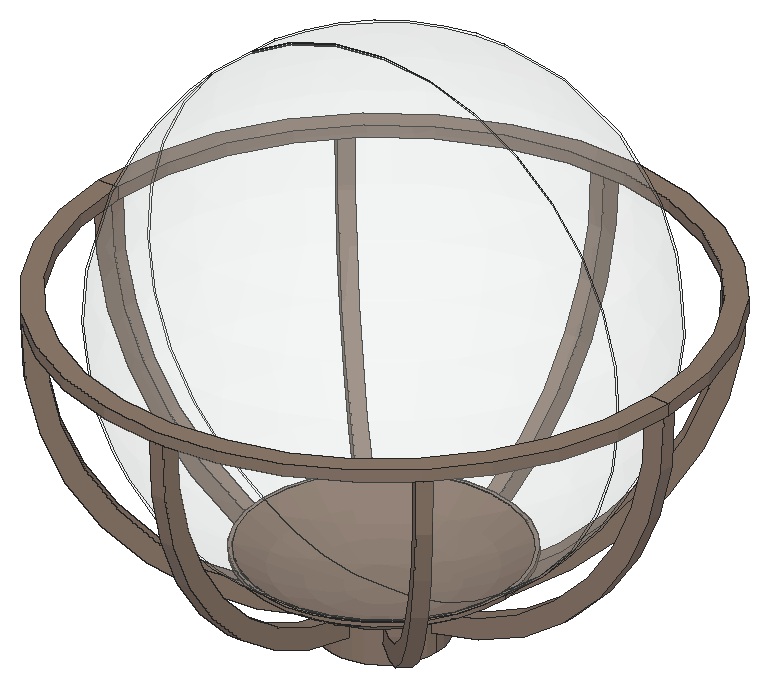
Revit family "WG118", category Generic Models, Revit 2014
Parameters
  GLASS = Glass
  CAST = Bronze, Architectural
Reference planes (in)
  plane 1 "Center (Front/Back)": y = 0
  plane 2: z = 0
  plane 3 "Center (Left/Right)": x = 0
Forms (in)
  Revolve 1, solid, material "Bronze, Architectural" <- "CAST"
    sketch origin (0, 0, 0) x (1, 0, 0) y (0, 0, 1)
      loop
        line (-2.02, 2.66835) -> (-1.29153, 2.66835) -> (-1.29153, 4.17266) -> (-2.02, 4.17266) -> (-2.02, 2.66835)
      axis (0, 4.17266) -> (0, 2.66835)
    angle from 0 to 360
  Revolve 2, solid, material "Bronze, Architectural" <- "CAST"
    sketch origin (0, 0, 0) x (1, 0, 0) y (0, 0, 1)
      loop
        line (-4.66385, 5.57891) -> (-4.66385, 5.43828)
        arc (-4.66385, 5.43828) -> (-3.32714, 4.65093) -> (-1.85135, 4.17266) r 7.1007
        line (-1.85135, 4.17266) -> (0, 4.17266) -> (0, 4.22537)
        arc (0, 4.22537) -> (-2.38892, 4.50132) -> (-4.53877, 5.57891) r 6.9132
        line (-4.53877, 5.57891) -> (-4.66385, 5.57891)
      axis (0, 5.57891) -> (0, 4.17266)
    angle from 0 to 360
  Revolve 3, solid, material "Glass" <- "GLASS"
    sketch origin (0, 0, 0) x (1, 0, 0) y (0, 0, 1)
      loop
        arc (0, 22.29824) -> (-8.69126, 15.70851) -> (-4.6473, 5.57891) r 9.00001
        line (-4.6473, 5.57891) -> (-4.52453, 5.57891)
        arc (-4.52453, 5.57891) -> (-8.64497, 15.64107) -> (0, 22.23574) r 8.93751
        line (0, 22.23574) -> (0, 22.29824)
      axis (0, 22.29824) -> (0, 5.57891)
    angle from 0 to 360
  Revolve 4, solid, material "Bronze, Architectural" <- "CAST"
    sketch origin (0, 0, 0) x (1, 0, 0) y (0, 0, 1)
      loop
        line (-10.1807, 14.29766) -> (-10.88328, 14.29766) -> (-10.88328, 13.87578) -> (-10.1807, 13.87578) -> (-10.1807, 14.29766)
      axis (0, 14.29766) -> (0, 13.87578)
    angle from 0 to 360
  Extrusion 5, solid, material "Bronze, Architectural" <- "CAST"
    sketch origin (0, 0, 0) x (1, 0, 0) y (0, 0, 1)
      loop
        line (-10.17957, 13.87578) -> (-10.88328, 13.87578)
        arc (-10.88328, 13.87578) -> (-8.45818, 6.89489) -> (-1.93335, 3.42494) r 10.11812
        line (-1.93335, 3.42494) -> (-1.93335, 4.13308)
        arc (-1.93335, 4.13308) -> (-7.95946, 7.39374) -> (-10.17957, 13.87578) r 9.415
    from -0.25 to 0.25
  Extrusion 6, solid, material "Bronze, Architectural" <- "CAST"
    sketch origin (0, 0, 0) x (-1, 0, 0) y (0, 0, -1)
      loop
        arc (-10.17957, -13.87578) -> (-7.95946, -7.39374) -> (-1.93335, -4.13308) r 9.415
        line (-1.93335, -4.13308) -> (-1.93335, -3.42494)
        arc (-1.93335, -3.42494) -> (-8.45818, -6.89489) -> (-10.88328, -13.87578) r 10.11812
        line (-10.88328, -13.87578) -> (-10.17957, -13.87578)
    from -0.25 to 0.25
  Extrusion 7, solid, material "Bronze, Architectural" <- "CAST"
    sketch origin (0, 0, 0) x (0, -1, 0) y (0, 0, 1)
      loop
        line (-10.17957, 13.87578) -> (-10.88328, 13.87578)
        arc (-10.88328, 13.87578) -> (-8.45818, 6.89489) -> (-1.93335, 3.42494) r 10.11812
        line (-1.93335, 3.42494) -> (-1.93335, 4.13308)
        arc (-1.93335, 4.13308) -> (-7.95946, 7.39374) -> (-10.17957, 13.87578) r 9.415
    from -0.25 to 0.25
  Extrusion 8, solid, material "Bronze, Architectural" <- "CAST"
    sketch origin (0, 0, 0) x (0, 1, 0) y (0, 0, -1)
      loop
        arc (-10.17957, -13.87578) -> (-7.95946, -7.39374) -> (-1.93335, -4.13308) r 9.415
        line (-1.93335, -4.13308) -> (-1.93335, -3.42494)
        arc (-1.93335, -3.42494) -> (-8.45818, -6.89489) -> (-10.88328, -13.87578) r 10.11812
        line (-10.88328, -13.87578) -> (-10.17957, -13.87578)
    from -0.25 to 0.25
  Extrusion 9, solid, material "Bronze, Architectural" <- "CAST"
    sketch origin (0, 0, 0) x (-0.707107, -0.707107, 0) y (0, 0, 1)
      loop
        line (-10.17957, 13.87578) -> (-10.88328, 13.87578)
        arc (-10.88328, 13.87578) -> (-8.45818, 6.89489) -> (-1.93335, 3.42494) r 10.11812
        line (-1.93335, 3.42494) -> (-1.93335, 4.13308)
        arc (-1.93335, 4.13308) -> (-7.95946, 7.39374) -> (-10.17957, 13.87578) r 9.415
    from -0.25 to 0.25
  Extrusion 10, solid, material "Bronze, Architectural" <- "CAST"
    sketch origin (0, 0, 0) x (0.707107, 0.707107, 0) y (0, 0, -1)
      loop
        arc (-10.17957, -13.87578) -> (-7.95946, -7.39374) -> (-1.93335, -4.13308) r 9.415
        line (-1.93335, -4.13308) -> (-1.93335, -3.42494)
        arc (-1.93335, -3.42494) -> (-8.45818, -6.89489) -> (-10.88328, -13.87578) r 10.11812
        line (-10.88328, -13.87578) -> (-10.17957, -13.87578)
    from -0.25 to 0.25
  Extrusion 11, solid, material "Bronze, Architectural" <- "CAST"
    sketch origin (0, 0, 0) x (0.707107, -0.707107, 0) y (0, 0, 1)
      loop
        line (-10.17957, 13.87578) -> (-10.88328, 13.87578)
        arc (-10.88328, 13.87578) -> (-8.45818, 6.89489) -> (-1.93335, 3.42494) r 10.11812
        line (-1.93335, 3.42494) -> (-1.93335, 4.13308)
        arc (-1.93335, 4.13308) -> (-7.95946, 7.39374) -> (-10.17957, 13.87578) r 9.415
    from -0.25 to 0.25
  Extrusion 12, solid, material "Bronze, Architectural" <- "CAST"
    sketch origin (0, 0, 0) x (-0.707107, 0.707107, 0) y (0, 0, -1)
      loop
        arc (-10.17957, -13.87578) -> (-7.95946, -7.39374) -> (-1.93335, -4.13308) r 9.415
        line (-1.93335, -4.13308) -> (-1.93335, -3.42494)
        arc (-1.93335, -3.42494) -> (-8.45818, -6.89489) -> (-10.88328, -13.87578) r 10.11812
        line (-10.88328, -13.87578) -> (-10.17957, -13.87578)
    from -0.25 to 0.25
Cuts and joins
  joined: Revolve 1, Extrusion 5, Extrusion 6, Extrusion 7, Extrusion 8, Extrusion 9, Extrusion 10, Extrusion 11, Extrusion 12
Dimensions and locks (in)
  aligned and locked: plane 2 to level
